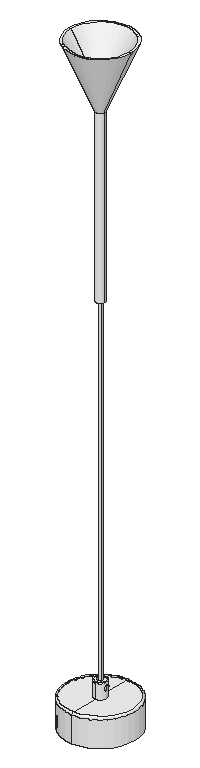
Revit family "anna_pendantlamp", category Luminarias, Revit 2021
Family settings
  Cota de conector redondo = Diámetro de uso
  Tipo de pieza = Normal
  Número OmniClass = 23.80.70.00
  Título OmniClass = Lighting
  Se basa en plano de trabajo = Sí
  Siempre vertical = No
  Corte con vacíos al cargar = Sí
  Origen de luz = No
  Compartido = No
  Punto de cálculo de habitación = No
Parameters (values of type "22033 ANNA White pendant lamp")
  Voltage = "100-240 V"  # constant formula
  URL = "https://www.faro.es/"
  Model = ""
  LAMP 2 = no
  LAMP 1 = yes
  Fabricante = "FARO Barcelona"  # constant formula
  Lámpara = "1XE27 MAX 15W LED"
  FARO_URL Model = ""
  FARO_Subcategory = "Suspended"  # constant formula
  FARO_Ref_Accessory = ""
  FARO_Ref = "22033"
  FARO_Model Line = "ANNA"  # constant formula
  FARO_Material_02 = FARO_White_translucide
  FARO_Material_01 = FARO_White
  FARO_Ligthing Source Hanging Heigth [instance] = 800 mm
  FARO_Last Actualization Date = "13/12/2024"  # constant formula
  FARO_EAN = ""
  FARO_Description ES = "ANNA Colgante blanco"
  FARO_Description EN = "ANNA white pendant lamp"
  FARO_Category = "Indoor"  # constant formula
  Default Elevation = 1219.2 mm
  Assembly Code = ""
Types (2, lengths in mm): name | FARO_Ref | FARO_Material_01 | FARO_Description ES | FARO_Description EN
  22032 ANNA Black pendant lamp | "22032" | FARO_Black_ | "ANNA Colgante negro" | "ANNA Black pendant lamp"
  22033 ANNA White pendant lamp | "22033" | FARO_White | "ANNA Colgante blanco" | "ANNA white pendant lamp"
Reference planes
  plane 1 "Light Source Axis (F/B)": y = 0
  plane 2: z = -179.398
  plane 3 "Light Source Axis (L/R)": x = 0
  plane 4 "Light Source Elevation": z = 435.2
  plane 5: z = 700.913
Forms (mm)
  Extrusion 1, solid, material "FARO_White" <- "FARO_Material_01"
    sketch origin (0, 0, 0) x (1, 0, 0) y (0, 1, 0)
      loop
        circle (0, 0) r 1.75
    from 435.2 to 27.5
  Revolve 2, solid, material "FARO_White" <- "FARO_Material_01"
    sketch origin (0, 0, 0) x (1, 0, 0) y (0, 0, 1)
      loop
        line (33.563, 700.913) -> (13.9, 669.991) -> (11.652, 649.372) -> (0, 649.372) -> (0, 435.2) -> (5, 435.2) -> (5, 629.2) -> (36.087, 700.913) -> (33.563, 700.913)
      axis (0, 700.913) -> (0, 435.2)
    angle from 0 to 360
  Revolve 3, solid, material "FARO_White_translucide" <- "FARO_Material_02"
    sketch origin (0, 0, 0) x (1, 0, 0) y (0, 0, 1)
      loop
        line (0, 669.991) -> (0, 650.972) -> (3.75, 650.972) -> (3.75, 652.251)
        arc (3.75, 652.251) -> (7.459, 660.023) -> (9.027, 668.491) r 32.947
        line (9.027, 668.491) -> (13.9, 668.491) -> (13.9, 669.991) -> (0, 669.991)
      axis (0, 669.991) -> (0, 650.972)
    angle from 0 to 360
Dimensions and locks
  plane 4 "Light Source Elevation" to plane 5 = 265.713 mm
  aligned and locked: plane 5 to Revolve 2
  aligned and locked: plane 4 "Light Source Elevation" to Revolve 2
Nested families
  nested 1: "diana_soporte" at (-0.174, 0.041, 0) x (0, -1, 0) z (0, 0, 1), FARO_Material_01 <- "FARO_Material_01", type "soporte"
    with FARO_Material_01 FARO_White, FARO_Ligthing Source Hanging Heigth 782.379 mm
  nested 2: "Fotometrica_Base" at (0.088, 0.272, 669.991) x (1, 0, 0) z (0, 0, -1), type "Fotometrica_Base"
Connectors
  electrical at (0, 0, 0)
    settings: index 1, voltage 100 V, apparent load 0 VA, apparent load phase1 0 VA, apparent load phase2 0 VA, apparent load phase3 0 VA, power factor 1, load classification "Other", number of poles 1, system type 31, power factor state 1, is connector primary yes, connector utility no, sub classification motor no, connector description ""
Definition of nested family "diana_soporte"
  Parameters (values of type "soporte")
    Voltage = ""
    URL = "https://www.faro.es/"
    Model = ""
    Manufacturer = "FARO Barcelona"  # constant formula
    Lamp = ""
    FARO_URL Model = ""
    FARO_Subcategory = ""
    FARO_Ref_Accessory = ""
    FARO_Ref = ""
    FARO_Model Line = ""
    FARO_Material_01 [instance] = none
    FARO_Ligthing Source Hanging Heigth [instance] = 782.379 mm
    FARO_Last Actualization Date = "12/04/2024"  # constant formula
    FARO_EAN = ""
    FARO_Description ES = ""
    FARO_Description EN = ""
    FARO_Category = ""
    Default Elevation = 0 mm
    Assembly Code = ""
  Reference planes
    plane 1 "Light Source Axis (F/B)": y = 0
    plane 2: z = 0
    plane 3 "Light Source Axis (L/R)": x = 0
    plane 4 "Light Source Elevation": z = 782.379
  Forms (mm)
    Revolve 1, solid, material <- "FARO_Material_01"
      sketch origin (0, 0, -22.51) x (1, 0, 0) y (0, 0, -1)
        loop
          line (-7.002, -53.71) -> (-7.002, -70.154)
          arc (-7.002, -70.154) -> (-6.839, -70.548) -> (-6.446, -70.71) r 0.556
          line (-6.446, -70.71) -> (-3.404, -70.71) -> (-3.404, -58.937) -> (0, -58.937) -> (0, -52.51) -> (-38.002, -52.51)
          arc (-38.002, -52.51) -> (-38.571, -52.275) -> (-38.806, -51.707) r 0.804
          line (-38.806, -51.707) -> (-38.806, -22.51) -> (-40, -22.51) -> (-40, -51.712)
          arc (-40, -51.712) -> (-39.415, -53.125) -> (-38.001, -53.71) r 1.999
          line (-38.001, -53.71) -> (-7.002, -53.71)
        axis (0, -22.51) -> (0, -70.71)
      angle from 0 to 360
    Extrusion 2, solid, material <- "FARO_Material_01"
      sketch origin (-517.005, 0, 745.265) x (-1, 0, 0) y (0, 0, -1)
        loop
          line (-480.005, 745.265) -> (-504.005, 745.265)
          arc (-504.005, 745.265) -> (-505.419, 744.679) -> (-506.005, 743.265) r 2
          line (-506.005, 743.265) -> (-506.005, 718.378)
          arc (-506.005, 718.378) -> (-506.185, 717.945) -> (-506.618, 717.765) r 0.613
          line (-506.618, 717.765) -> (-527.392, 717.765)
          arc (-527.392, 717.765) -> (-527.826, 717.945) -> (-528.005, 718.378) r 0.613
          line (-528.005, 718.378) -> (-528.005, 743.265)
          arc (-528.005, 743.265) -> (-528.591, 744.679) -> (-530.005, 745.265) r 2
          line (-530.005, 745.265) -> (-554.005, 745.265) -> (-554.005, 743.765) -> (-530.222, 743.765)
          arc (-530.222, 743.765) -> (-529.715, 743.555) -> (-529.505, 743.048) r 0.717
          line (-529.505, 743.048) -> (-529.505, 718.265)
          arc (-529.505, 718.265) -> (-528.919, 716.851) -> (-527.505, 716.265) r 2
          line (-527.505, 716.265) -> (-506.505, 716.265)
          arc (-506.505, 716.265) -> (-505.091, 716.851) -> (-504.505, 718.265) r 2
          line (-504.505, 718.265) -> (-504.505, 743.048)
          arc (-504.505, 743.048) -> (-504.295, 743.555) -> (-503.788, 743.765) r 0.717
          line (-503.788, 743.765) -> (-480.005, 743.765) -> (-480.005, 745.265)
      from -10 to 10
    Extrusion 3, void
      sketch origin (0, 0, -732.379) x (-1, 0, 0) y (0, -1, 0)
        loop
          circle (0, 0) r 5
        loop
          line (22.5, -2.25) -> (27.5, -2.25)
          arc (27.5, -2.25) -> (29.75, 0) -> (27.5, 2.25) r 2.25
          line (27.5, 2.25) -> (22.5, 2.25)
          arc (22.5, 2.25) -> (20.25, 0) -> (22.5, -2.25) r 2.25
        loop
          line (-22.75, -2.5) -> (-22.75, 2.5)
          arc (-22.75, 2.5) -> (-25, 4.75) -> (-27.25, 2.5) r 2.25
          line (-27.25, 2.5) -> (-27.25, -2.5)
          arc (-27.25, -2.5) -> (-25, -4.75) -> (-22.75, -2.5) r 2.25
      from 732.379 to 761.379
    Revolve 4, solid, material <- "FARO_Material_01"
      sketch origin (0, 0, -71.5) x (0, 1, 0) y (0, 0, 1)
        loop
          line (0.629, 116.37) -> (-0.442, 113.718) -> (7.161, 113.718) -> (7.161, 116.37) -> (0.629, 116.37)
        axis (-0.442, 113.718) -> (7.161, 113.718)
      angle from 0 to 360
    Extrusion 5, void
      sketch origin (0, 0, 0) x (1, 0, 0) y (0, 0, 1)
        loop
          line (-1, 42.7) -> (-1, 41.7) -> (1, 41.7) -> (1, 42.7) -> (-1, 42.7)
      from -7.773 to -5.865
  Cuts and joins
    Extrusion 3 cuts Extrusion 2
    Extrusion 5 cuts Revolve 1
    Extrusion 5 cuts Revolve 4
  Dimensions and locks
    aligned and locked: level to plane 2
Definition of nested family "Fotometrica_Base"
  Parameters (values of type "Fotometrica_Base")
    Wattage = 8.08418 W
    built-in parameter 1150110 = 1 (stored number, unit not read)
    built-in parameter 1114217 = 1 (stored number, unit not read)
    Tilt Angle = -90.00°
    built-in parameter 1150109 = 1 (stored number, unit not read)
    built-in parameter 1150134 = (empty or 0)
    built-in parameter 1150113 = 1 (stored number, unit not read)
    Photometric Web File = "24006-11_LDT.ies"
    Lumens = 1200.84 lm
    built-in parameter 1150115 = 1 (stored number, unit not read)
    built-in parameter 1150105 = 95.56 (stored number, unit not read)
    built-in parameter 1150137 = (empty or 0)
    built-in parameter 1150139 = (empty or 0)
    built-in parameter 1150112 = 1 (stored number, unit not read)
    built-in parameter 1150114 = 1 (stored number, unit not read)
    built-in parameter 1150132 = 2
    built-in parameter 1150102 = (empty or 0)
    built-in parameter 1150138 = (empty or 0)
    built-in parameter 1150107 = 2700 (stored number, unit not read)
    built-in parameter 1150106 = 0.9556 (stored number, unit not read)
    Emit from Circle Diameter = 0.1 mm
    Emit Shape Visible in Rendering = yes
    built-in parameter 1150104 = 13.8 (stored number, unit not read)
    Dimming Lamp Color Temperature Shift = (empty or 0)
    Default Elevation = 1219.2 mm
    Color Filter = 16777215
    built-in parameter 1114218 = 1 (stored number, unit not read)
    built-in parameter 1150133 = 10 (stored number, unit not read)
  Reference planes
    plane 1 "Light Source Axis (F/B)": y = 0
    plane 2: z = 0
    plane 3 "Light Source Axis (L/R)": x = 0
    plane 4 "Light Source Elevation": z = 0
  Dimensions and locks
    aligned and locked: plane 4 "Light Source Elevation" to imposter light
    aligned and locked: level to plane 2
    aligned and locked: plane 4 "Light Source Elevation" to level
    aligned and locked: plane 3 "Light Source Axis (L/R)" to imposter light
    aligned and locked: plane 1 "Light Source Axis (F/B)" to imposter light
